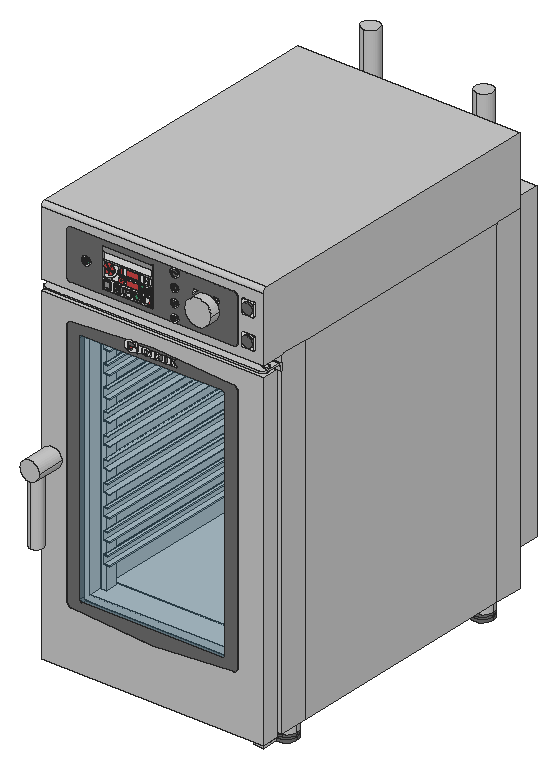
Revit family "QF_GIORIK_KHG101_KTG101_KHG101W_KTG101W", category Specialty Equipment, Revit 2014 (continued)
Automatic sketch dimensions
  Extrusion 17 sketch curve to Extrusion 17 sketch curve = 30 mm
  Extrusion 17 sketch curve to Extrusion 17 sketch curve = 5.542 mm
  Extrusion 17 sketch curve to plane 6 "Top" = 92.86 mm
  Extrusion 17 sketch curve to Extrusion 17 sketch curve = 0.789 mm  (x2)
  Extrusion 17 sketch curve to Extrusion 17 sketch curve = 2.211 mm
  Extrusion 17 sketch curve to plane 6 "Top" = 98.402 mm
  Extrusion 17 sketch curve to Extrusion 17 sketch curve = 0.686 mm
  Extrusion 17 sketch curve to Extrusion 17 sketch curve = 1.143 mm
  Extrusion 17 sketch curve to Extrusion 17 sketch curve = 9.164 mm
  Extrusion 17 sketch curve to plane 6 "Top" = 97.435 mm
  Extrusion 17 sketch curve to Extrusion 17 sketch curve = 0.978 mm
  Extrusion 17 sketch curve to plane 6 "Top" = 95.9 mm
  Extrusion 17 sketch curve to Extrusion 17 sketch curve = 1.058 mm
  Extrusion 17 sketch curve to Extrusion 17 sketch curve = 0.007 mm
  Extrusion 17 sketch curve to Extrusion 17 sketch curve = 0.727 mm
  Extrusion 17 sketch curve to plane 6 "Top" = 97.992 mm
  Extrusion 17 sketch curve to Extrusion 17 sketch curve = 4.43 mm
  Extrusion 17 sketch curve to plane 6 "Top" = 93.265 mm
  Extrusion 17 sketch curve to Extrusion 17 sketch curve = 12.64 mm
  Extrusion 17 sketch curve to plane 6 "Top" = 77.074 mm
  Extrusion 17 sketch curve to Extrusion 17 sketch curve = 0.034 mm
  Extrusion 17 sketch curve to plane 6 "Top" = 83.449 mm
  Extrusion 17 sketch curve to Extrusion 17 sketch curve = 1.389 mm
  Extrusion 17 sketch curve to Extrusion 17 sketch curve = 2.313 mm
  Extrusion 17 sketch curve to Extrusion 17 sketch curve = 2.53 mm
  Extrusion 17 sketch curve to Extrusion 17 sketch curve = 2.705 mm
  Extrusion 17 sketch curve to plane 6 "Top" = 76.294 mm
  Extrusion 17 sketch curve to Extrusion 17 sketch curve = 1.138 mm
  Extrusion 17 sketch curve to plane 6 "Top" = 73.82 mm
  Extrusion 17 sketch curve to Extrusion 17 sketch curve = 3.357 mm
  Extrusion 17 sketch curve to Extrusion 17 sketch curve = 6.172 mm
  Extrusion 17 sketch curve to Extrusion 17 sketch curve = 0.566 mm
  Extrusion 17 sketch curve to plane 6 "Top" = 80.522 mm
  Extrusion 17 sketch curve to Extrusion 17 sketch curve = 0.676 mm
  Extrusion 17 sketch curve to Extrusion 17 sketch curve = 6.481 mm
  Extrusion 17 sketch curve to Extrusion 17 sketch curve = 1.773 mm
  Extrusion 17 sketch curve to Extrusion 17 sketch curve = 1.347 mm
  Extrusion 17 sketch curve to plane 6 "Top" = 85.747 mm
  Extrusion 17 sketch curve to Extrusion 17 sketch curve = 1.957 mm
  Extrusion 17 sketch curve to Extrusion 17 sketch curve = 0.945 mm
  Extrusion 17 sketch curve to Extrusion 17 sketch curve = 1.151 mm
  Extrusion 17 sketch curve to Extrusion 17 sketch curve = 0.366 mm
  Extrusion 17 sketch curve to Extrusion 17 sketch curve = 1.697 mm
  Extrusion 17 sketch curve to plane 6 "Top" = 79.428 mm
  Extrusion 17 sketch curve to Extrusion 17 sketch curve = 1.474 mm
  Extrusion 17 sketch curve to Extrusion 17 sketch curve = 1.163 mm
  Extrusion 17 sketch curve to Extrusion 17 sketch curve = 1.291 mm
  Extrusion 17 sketch curve to plane 6 "Top" = 94.459 mm
  Extrusion 17 sketch curve to Extrusion 17 sketch curve = 3.636 mm
  Extrusion 17 sketch curve to plane 6 "Top" = 70.562 mm
  Extrusion 17 sketch curve to Extrusion 17 sketch curve = 5.644 mm
  Extrusion 17 sketch curve to Extrusion 17 sketch curve = 0.534 mm
  Extrusion 17 sketch curve to Extrusion 17 sketch curve = 1.399 mm
  Extrusion 17 sketch curve to Extrusion 17 sketch curve = 1.653 mm
  Extrusion 17 sketch curve to plane 6 "Top" = 82.63 mm
  Extrusion 17 sketch curve to Extrusion 17 sketch curve = 0.483 mm
  Extrusion 17 sketch curve to plane 6 "Top" = 73.81 mm
  Extrusion 17 sketch curve to Extrusion 17 sketch curve = 1.875 mm
  Extrusion 17 sketch curve to plane 6 "Top" = 93.314 mm
  Extrusion 17 sketch curve to Extrusion 17 sketch curve = 3.426 mm
  Extrusion 17 sketch curve to plane 6 "Top" = 71.963 mm
  Extrusion 17 sketch curve to Extrusion 17 sketch curve = 2.001 mm
  Extrusion 17 sketch curve to plane 6 "Top" = 76.238 mm
  Extrusion 17 sketch curve to Extrusion 17 sketch curve = 3.39 mm
  Extrusion 17 sketch curve to Extrusion 17 sketch curve = 5.374 mm
  Extrusion 17 sketch curve to Extrusion 17 sketch curve = 1.262 mm
  Extrusion 17 sketch curve to plane 6 "Top" = 84.718 mm
  Extrusion 17 sketch curve to Extrusion 17 sketch curve = 2.375 mm
  Extrusion 17 sketch curve to plane 6 "Top" = 80.599 mm
  Extrusion 17 sketch curve to Extrusion 17 sketch curve = 2.509 mm
  Extrusion 17 sketch curve to Extrusion 17 sketch curve = 2.12 mm  (x2)
  Extrusion 17 sketch curve to Extrusion 17 sketch curve = 7.859 mm  (x2)
  Extrusion 17 sketch curve to Extrusion 17 sketch curve = 5.742 mm
  Extrusion 17 sketch curve to Extrusion 17 sketch curve = 0.426 mm
  Extrusion 17 sketch curve to Extrusion 17 sketch curve = 2.642 mm  (x2)
  Extrusion 17 sketch curve to Extrusion 17 sketch curve = 2.67 mm
  Extrusion 17 sketch curve to Extrusion 17 sketch curve = 0.681 mm
  Extrusion 17 sketch curve to Extrusion 17 sketch curve = 12.559 mm  (x2)
  Extrusion 17 sketch curve to Extrusion 17 sketch curve = 3.412 mm
  Extrusion 17 sketch curve to Extrusion 17 sketch curve = 0.317 mm
  Extrusion 17 sketch curve to Extrusion 17 sketch curve = 0.044 mm
  Extrusion 17 sketch curve to Extrusion 17 sketch curve = 0.455 mm
  Extrusion 17 sketch curve to Extrusion 17 sketch curve = 1.333 mm
  Extrusion 17 sketch curve to Extrusion 17 sketch curve = 7.441 mm
  Extrusion 17 sketch curve to Extrusion 17 sketch curve = 2.137 mm
  plane 4 "Right" to Extrusion 18 sketch curve = 1 mm
  plane 5 "Front" to Extrusion 18 sketch curve = 3.5 mm
  Extrusion 18 sketch curve to plane 8 "Front oven" = 16.5 mm
  Extrusion 18 sketch curve to plane 8 "Front oven" = 4 mm
  plane 8 "Front oven" to Extrusion 18 sketch curve = 1.5 mm
  plane 8 "Front oven" to Extrusion 18 sketch curve = 56 mm
  Extrusion 18 sketch curve to Extrusion 18 sketch curve = 0 mm
  Extrusion 18 sketch curve to Extrusion 18 sketch curve = 16.248 mm
  plane 4 "Right" to Extrusion 18 sketch curve = 19 mm
  Extrusion 18 sketch curve to Extrusion 18 sketch curve = 25 mm
  Extrusion 18 sketch curve to Extrusion 18 sketch curve = 12 mm
  Extrusion 18 sketch curve to Extrusion 18 sketch curve = 19 mm
  Extrusion 18 sketch curve to Extrusion 18 sketch curve = 10 mm
  plane 4 "Right" to Revolve 19 sketch curve = 11.5 mm
  Revolve 19 sketch curve to Revolve 19 sketch curve = 3.5 mm  (x3)
  Revolve 19 sketch curve to Revolve 19 sketch curve = 6 mm
  Revolve 19 sketch curve to plane 6 "Top" = 185 mm
  Revolve 19 sketch curve to Revolve 19 sketch curve = 4.5 mm  (x2)
  Revolve 19 sketch curve to Revolve 19 sketch curve = 2.5 mm
  Revolve 19 sketch curve to Revolve 19 sketch curve = 3.901 mm
  Revolve 19 sketch curve to Revolve 19 sketch curve = 0 mm  (x3)
  Revolve 20 sketch curve to plane 7 "Legs height" = 0 mm  (x2)
  plane 4 "Right" to Revolve 20 sketch curve = 11.5 mm
  Revolve 20 sketch curve to Revolve 20 sketch curve = 3.5 mm  (x3)
  Revolve 20 sketch curve to Revolve 20 sketch curve = 2.5 mm
  Revolve 20 sketch curve to Revolve 20 sketch curve = 7 mm
  Revolve 20 sketch curve to Revolve 20 sketch curve = 3.901 mm
  Revolve 20 sketch curve to Revolve 20 sketch curve = 0 mm  (x2)
  Extrusion 21 sketch curve to plane 4 "Right" = 25 mm
  Extrusion 21 sketch curve to plane 7 "Legs height" = 430 mm
  plane 5 "Front" to Extrusion 23 sketch curve = 46 mm
  Extrusion 23 sketch curve to plane 4 "Right" = 25 mm
  Extrusion 25 sketch curve to Extrusion 25 sketch curve = 0 mm  (x12)
  plane 4 "Right" to Extrusion 25 sketch curve = 103.895 mm
  Extrusion 25 sketch curve to plane 6 "Top" = 55.514 mm  (x2)
  Extrusion 25 sketch curve to Extrusion 25 sketch curve = 1.599 mm  (x2)
  Extrusion 25 sketch curve to Extrusion 25 sketch curve = 9.467 mm  (x2)
  Extrusion 25 sketch curve to Extrusion 25 sketch curve = 26.569 mm
  Extrusion 25 sketch curve to Extrusion 25 sketch curve = 7.071 mm
  Extrusion 25 sketch curve to Extrusion 25 sketch curve = 15.503 mm
  Extrusion 25 sketch curve to plane 6 "Top" = 66.895 mm
  Extrusion 25 sketch curve to Extrusion 25 sketch curve = 37.995 mm
  Extrusion 25 sketch curve to Extrusion 25 sketch curve = 37.895 mm
  Extrusion 25 sketch curve to Extrusion 25 sketch curve = 1.233 mm
  Extrusion 25 sketch curve to Extrusion 25 sketch curve = 4 mm
  Extrusion 25 sketch curve to plane 6 "Top" = 65.195 mm
  Extrusion 25 sketch curve to Extrusion 25 sketch curve = 3.251 mm
  Extrusion 25 sketch curve to Extrusion 25 sketch curve = 6.5 mm  (x2)
  Extrusion 25 sketch curve to Extrusion 25 sketch curve = 1 mm  (x7)
  Extrusion 25 sketch curve to Extrusion 25 sketch curve = 0.516 mm
  Extrusion 25 sketch curve to Extrusion 25 sketch curve = 5 mm  (x2)
  Extrusion 25 sketch curve to Extrusion 25 sketch curve = 2.807 mm
  Extrusion 25 sketch curve to plane 6 "Top" = 63.441 mm
  Extrusion 25 sketch curve to Extrusion 25 sketch curve = 0.953 mm
  Extrusion 25 sketch curve to Extrusion 25 sketch curve = 44.5 mm
  Extrusion 25 sketch curve to plane 6 "Top" = 40 mm
  Extrusion 25 sketch curve to Extrusion 25 sketch curve = 116 mm
  Extrusion 25 sketch curve to Extrusion 25 sketch curve = 40 mm
  Extrusion 25 sketch curve to Extrusion 25 sketch curve = 34.378 mm
  Extrusion 25 sketch curve to Extrusion 25 sketch curve = 1.427 mm
  Extrusion 25 sketch curve to Extrusion 25 sketch curve = 2.881 mm
  Extrusion 25 sketch curve to Extrusion 25 sketch curve = 27.547 mm
  Extrusion 25 sketch curve to Extrusion 25 sketch curve = 28.047 mm
  Extrusion 25 sketch curve to Extrusion 25 sketch curve = 2.291 mm
  Extrusion 25 sketch curve to Extrusion 25 sketch curve = 0.209 mm
  Extrusion 25 sketch curve to Extrusion 25 sketch curve = 3 mm
  Extrusion 25 sketch curve to Extrusion 25 sketch curve = 45 mm
  Extrusion 25 sketch curve to Extrusion 25 sketch curve = 8.188 mm
  Extrusion 25 sketch curve to Extrusion 25 sketch curve = 3.805 mm
  Extrusion 25 sketch curve to Extrusion 25 sketch curve = 2.051 mm
  Extrusion 25 sketch curve to Extrusion 25 sketch curve = 1.254 mm
  Extrusion 25 sketch curve to Extrusion 25 sketch curve = 25.941 mm
  Extrusion 25 sketch curve to Extrusion 25 sketch curve = 0.5 mm
  Extrusion 26 sketch curve to Extrusion 26 sketch curve = 0 mm  (x63)
  Extrusion 26 sketch curve to plane 6 "Top" = 105 mm
  plane 4 "Right" to Extrusion 26 sketch curve = 258 mm
  Extrusion 26 sketch curve to Extrusion 26 sketch curve = 1 mm  (x18)
  Extrusion 26 sketch curve to Extrusion 26 sketch curve = 1.5 mm
  Extrusion 26 sketch curve to Extrusion 26 sketch curve = 0.5 mm
  Extrusion 26 sketch curve to Extrusion 26 sketch curve = 2 mm  (x13)
  Extrusion 26 sketch curve to Extrusion 26 sketch curve = 8.26 mm  (x2)
  Extrusion 26 sketch curve to Extrusion 26 sketch curve = 1.62 mm  (x3)
  Extrusion 26 sketch curve to Extrusion 26 sketch curve = 9.5 mm  (x2)
  Extrusion 26 sketch curve to Extrusion 26 sketch curve = 7.957 mm
  Extrusion 26 sketch curve to Extrusion 26 sketch curve = 6 mm  (x4)
  Extrusion 26 sketch curve to Extrusion 26 sketch curve = 1.514 mm
  Extrusion 26 sketch curve to Extrusion 26 sketch curve = 0.717 mm  (x2)
  Extrusion 26 sketch curve to Extrusion 26 sketch curve = 1.202 mm
  Extrusion 26 sketch curve to Extrusion 26 sketch curve = 10.283 mm
  Extrusion 26 sketch curve to Extrusion 26 sketch curve = 10.081 mm
  Extrusion 26 sketch curve to Extrusion 26 sketch curve = 0.961 mm
  Extrusion 26 sketch curve to Extrusion 26 sketch curve = 1.658 mm
  Extrusion 26 sketch curve to Extrusion 26 sketch curve = 2.455 mm
  Extrusion 26 sketch curve to Extrusion 26 sketch curve = 1.267 mm
  Extrusion 26 sketch curve to Extrusion 26 sketch curve = 2.654 mm
  Extrusion 26 sketch curve to plane 6 "Top" = 117.623 mm
  Extrusion 26 sketch curve to Extrusion 26 sketch curve = 2.67 mm
  Extrusion 26 sketch curve to plane 6 "Top" = 116.404 mm
  Extrusion 26 sketch curve to Extrusion 26 sketch curve = 1.218 mm
  Extrusion 26 sketch curve to Extrusion 26 sketch curve = 4.131 mm
  Extrusion 26 sketch curve to Extrusion 26 sketch curve = 0.609 mm  (x3)
  Extrusion 26 sketch curve to plane 6 "Top" = 120.535 mm
  Extrusion 26 sketch curve to Extrusion 26 sketch curve = 1.312 mm
  Extrusion 26 sketch curve to Extrusion 26 sketch curve = 4.225 mm
  Extrusion 26 sketch curve to Extrusion 26 sketch curve = 0.767 mm
  Extrusion 26 sketch curve to Extrusion 26 sketch curve = 1.946 mm  (x2)
  Extrusion 26 sketch curve to Extrusion 26 sketch curve = 3.893 mm
  Extrusion 26 sketch curve to Extrusion 26 sketch curve = 0.573 mm
  Extrusion 26 sketch curve to Extrusion 26 sketch curve = 10.054 mm  (x2)
  Extrusion 26 sketch curve to Extrusion 26 sketch curve = 1.19 mm  (x2)
  Extrusion 26 sketch curve to Extrusion 26 sketch curve = 0.81 mm
  Extrusion 26 sketch curve to Extrusion 26 sketch curve = 3.631 mm
  Extrusion 26 sketch curve to Extrusion 26 sketch curve = 3.68 mm
  Extrusion 26 sketch curve to Extrusion 26 sketch curve = 4.689 mm
  Extrusion 26 sketch curve to Extrusion 26 sketch curve = 7.689 mm
  Extrusion 26 sketch curve to Extrusion 26 sketch curve = 3.081 mm
  Extrusion 26 sketch curve to Extrusion 26 sketch curve = 0.653 mm
  Extrusion 26 sketch curve to Extrusion 26 sketch curve = 17.403 mm
  Extrusion 26 sketch curve to Extrusion 26 sketch curve = 1.7 mm
  Extrusion 26 sketch curve to Extrusion 26 sketch curve = 2.769 mm  (x2)
  Extrusion 26 sketch curve to Extrusion 26 sketch curve = 2.246 mm
  Extrusion 26 sketch curve to Extrusion 26 sketch curve = 1.597 mm
  Extrusion 26 sketch curve to Extrusion 26 sketch curve = 0.042 mm
  Extrusion 26 sketch curve to Extrusion 26 sketch curve = 2.12 mm
  Extrusion 26 sketch curve to Extrusion 26 sketch curve = 2.231 mm
  Extrusion 26 sketch curve to Extrusion 26 sketch curve = 1.147 mm
  Extrusion 26 sketch curve to Extrusion 26 sketch curve = 3.002 mm
  Extrusion 26 sketch curve to Extrusion 26 sketch curve = 6.3 mm
  Extrusion 26 sketch curve to Extrusion 26 sketch curve = 1.883 mm
  Extrusion 26 sketch curve to Extrusion 26 sketch curve = 7.859 mm
  Extrusion 26 sketch curve to Extrusion 26 sketch curve = 0.615 mm
  Extrusion 26 sketch curve to Extrusion 26 sketch curve = 4.404 mm
  Extrusion 26 sketch curve to Extrusion 26 sketch curve = 0.424 mm
  Extrusion 26 sketch curve to Extrusion 26 sketch curve = 2.306 mm
  Extrusion 26 sketch curve to Extrusion 26 sketch curve = 7 mm
  Extrusion 26 sketch curve to Extrusion 26 sketch curve = 0.463 mm
  Extrusion 26 sketch curve to Extrusion 26 sketch curve = 5 mm  (x2)
  Extrusion 26 sketch curve to Extrusion 26 sketch curve = 17.245 mm
  Extrusion 26 sketch curve to Extrusion 26 sketch curve = 2.495 mm
  Extrusion 26 sketch curve to Extrusion 26 sketch curve = 5.681 mm  (x3)
  Extrusion 26 sketch curve to Extrusion 26 sketch curve = 1.6 mm
  Extrusion 26 sketch curve to Extrusion 26 sketch curve = 2.544 mm
  Extrusion 26 sketch curve to Extrusion 26 sketch curve = 16.755 mm
  Extrusion 26 sketch curve to Extrusion 26 sketch curve = 10 mm
  plane 4 "Right" to Extrusion 27 sketch curve = 201.553 mm
  Extrusion 27 sketch curve to Extrusion 27 sketch curve = 2.606 mm
  Extrusion 27 sketch curve to Extrusion 27 sketch curve = 3.123 mm
  Extrusion 27 sketch curve to Extrusion 27 sketch curve = 3.991 mm
  Extrusion 27 sketch curve to Extrusion 27 sketch curve = 1.949 mm
  Extrusion 27 sketch curve to Extrusion 27 sketch curve = 1.182 mm
  Extrusion 27 sketch curve to Extrusion 27 sketch curve = 6.627 mm
  Extrusion 27 sketch curve to Extrusion 27 sketch curve = 1.25 mm
  Extrusion 27 sketch curve to Extrusion 27 sketch curve = 2.454 mm
  Extrusion 27 sketch curve to Extrusion 27 sketch curve = 1.353 mm  (x2)
  Extrusion 27 sketch curve to Extrusion 27 sketch curve = 3.69 mm
  Extrusion 27 sketch curve to Extrusion 27 sketch curve = 2.793 mm  (x10)
  Extrusion 27 sketch curve to Extrusion 27 sketch curve = 5.413 mm  (x3)
  Extrusion 27 sketch curve to Extrusion 27 sketch curve = 2 mm  (x2)
  Extrusion 27 sketch curve to Extrusion 27 sketch curve = 2.002 mm
  Extrusion 27 sketch curve to Extrusion 27 sketch curve = 3.133 mm
  Extrusion 27 sketch curve to Extrusion 27 sketch curve = 9.013 mm
  Extrusion 27 sketch curve to Extrusion 27 sketch curve = 4.511 mm
  Extrusion 27 sketch curve to Extrusion 27 sketch curve = 3.34 mm
  Extrusion 27 sketch curve to Extrusion 27 sketch curve = 0.132 mm
  Extrusion 27 sketch curve to Extrusion 27 sketch curve = 3.46 mm
  Extrusion 27 sketch curve to Extrusion 27 sketch curve = 3.675 mm
  Extrusion 27 sketch curve to Extrusion 27 sketch curve = 0 mm  (x18)
  Extrusion 27 sketch curve to Extrusion 27 sketch curve = 5.566 mm
  Extrusion 27 sketch curve to Extrusion 27 sketch curve = 2.285 mm
  Extrusion 27 sketch curve to Extrusion 27 sketch curve = 2.551 mm
  Extrusion 27 sketch curve to Extrusion 27 sketch curve = 5.945 mm
  Extrusion 27 sketch curve to Extrusion 27 sketch curve = 0.022 mm  (x2)
  Extrusion 27 sketch curve to Extrusion 27 sketch curve = 4 mm
  Extrusion 27 sketch curve to Extrusion 27 sketch curve = 5.91 mm  (x2)
  Extrusion 27 sketch curve to Extrusion 27 sketch curve = 1.141 mm
  Extrusion 27 sketch curve to Extrusion 27 sketch curve = 6.081 mm
  Extrusion 27 sketch curve to Extrusion 27 sketch curve = 4.16 mm
  Extrusion 27 sketch curve to Extrusion 27 sketch curve = 2.507 mm
  Extrusion 27 sketch curve to Extrusion 27 sketch curve = 1.366 mm
  Extrusion 27 sketch curve to Extrusion 27 sketch curve = 4.893 mm
  Extrusion 27 sketch curve to Extrusion 27 sketch curve = 6.586 mm
  Extrusion 27 sketch curve to Extrusion 27 sketch curve = 2.154 mm
  Extrusion 27 sketch curve to Extrusion 27 sketch curve = 2.256 mm
  Extrusion 27 sketch curve to Extrusion 27 sketch curve = 0.578 mm
  Extrusion 27 sketch curve to Extrusion 27 sketch curve = 1.392 mm
  Extrusion 27 sketch curve to Extrusion 27 sketch curve = 1.974 mm
  Extrusion 27 sketch curve to Extrusion 27 sketch curve = 1.347 mm
  Extrusion 27 sketch curve to Extrusion 27 sketch curve = 1.469 mm
  Extrusion 27 sketch curve to Extrusion 27 sketch curve = 4.081 mm
  Extrusion 27 sketch curve to plane 6 "Top" = 239.528 mm
  Extrusion 27 sketch curve to Extrusion 27 sketch curve = 2.317 mm
  Extrusion 27 sketch curve to Extrusion 27 sketch curve = 3.242 mm
  Extrusion 27 sketch curve to Extrusion 27 sketch curve = 3.564 mm
  Extrusion 27 sketch curve to Extrusion 27 sketch curve = 0.899 mm
  Extrusion 27 sketch curve to Extrusion 27 sketch curve = 1.294 mm
  Extrusion 27 sketch curve to Extrusion 27 sketch curve = 2.894 mm  (x2)
  Extrusion 27 sketch curve to Extrusion 27 sketch curve = 1 mm
  Extrusion 27 sketch curve to Extrusion 27 sketch curve = 1.461 mm
  Extrusion 27 sketch curve to Extrusion 27 sketch curve = 1.786 mm
  Extrusion 27 sketch curve to Extrusion 27 sketch curve = 1.919 mm
  Extrusion 27 sketch curve to Extrusion 27 sketch curve = 2.046 mm
  Extrusion 27 sketch curve to Extrusion 27 sketch curve = 1.137 mm
  Extrusion 27 sketch curve to Extrusion 27 sketch curve = 2.344 mm  (x8)
  Extrusion 27 sketch curve to Extrusion 27 sketch curve = 3.153 mm
  Extrusion 27 sketch curve to Extrusion 27 sketch curve = 3.783 mm
  Extrusion 27 sketch curve to Extrusion 27 sketch curve = 1.816 mm  (x2)
  Extrusion 27 sketch curve to Extrusion 27 sketch curve = 1.67 mm
  Extrusion 27 sketch curve to Extrusion 27 sketch curve = 3.513 mm
  Extrusion 27 sketch curve to Extrusion 27 sketch curve = 2.539 mm
  Extrusion 27 sketch curve to Extrusion 27 sketch curve = 4.042 mm
  Extrusion 27 sketch curve to Extrusion 27 sketch curve = 0.806 mm
  Extrusion 27 sketch curve to Extrusion 27 sketch curve = 0.873 mm
  Extrusion 27 sketch curve to Extrusion 27 sketch curve = 4.868 mm
  Extrusion 27 sketch curve to Extrusion 27 sketch curve = 2.243 mm
  Extrusion 27 sketch curve to Extrusion 27 sketch curve = 0.326 mm
  Extrusion 27 sketch curve to Extrusion 27 sketch curve = 2.593 mm  (x3)
  Extrusion 27 sketch curve to Extrusion 27 sketch curve = 1.506 mm
  Extrusion 27 sketch curve to Extrusion 27 sketch curve = 1.887 mm
  Extrusion 27 sketch curve to Extrusion 27 sketch curve = 1.99 mm
  Extrusion 27 sketch curve to Extrusion 27 sketch curve = 2.691 mm
  Extrusion 27 sketch curve to Extrusion 27 sketch curve = 3.345 mm
  Extrusion 27 sketch curve to Extrusion 27 sketch curve = 0.743 mm
  Extrusion 27 sketch curve to Extrusion 27 sketch curve = 3.185 mm
  Extrusion 27 sketch curve to Extrusion 27 sketch curve = 0.206 mm
  Extrusion 27 sketch curve to Extrusion 27 sketch curve = 2.753 mm
  Extrusion 27 sketch curve to Extrusion 27 sketch curve = 4.912 mm  (x2)
  Extrusion 27 sketch curve to Extrusion 27 sketch curve = 2.294 mm
  Extrusion 27 sketch curve to Extrusion 27 sketch curve = 3.131 mm
  Extrusion 27 sketch curve to Extrusion 27 sketch curve = 0.143 mm
  Extrusion 27 sketch curve to Extrusion 27 sketch curve = 1.861 mm
  Extrusion 27 sketch curve to Extrusion 27 sketch curve = 0.168 mm
  Extrusion 27 sketch curve to Extrusion 27 sketch curve = 2.712 mm
  Extrusion 27 sketch curve to Extrusion 27 sketch curve = 2.054 mm
  Extrusion 27 sketch curve to Extrusion 27 sketch curve = 1.787 mm
  plane 3 "Left" to Extrusion 28 sketch curve = 214.848 mm
  Extrusion 28 sketch curve to Extrusion 28 sketch curve = 6 mm  (x2)
  Extrusion 28 sketch curve to plane 6 "Top" = 232.105 mm
  Extrusion 28 sketch curve to Extrusion 28 sketch curve = 5 mm
  plane 4 "Right" to Extrusion 31 sketch curve = 50 mm
  plane 1 "Back" to Extrusion 31 sketch curve = 132 mm
  plane 4 "Right" to Extrusion 32 sketch curve = 50 mm
  plane 1 "Back" to Extrusion 32 sketch curve = 132 mm
  plane 4 "Right" to Extrusion 35 sketch curve = 50 mm
  plane 8 "Front oven" to Extrusion 35 sketch curve = 75 mm
  plane 4 "Right" to Extrusion 36 sketch curve = 50 mm
  plane 8 "Front oven" to Extrusion 36 sketch curve = 75 mm
  plane 4 "Right" to Extrusion 38 sketch curve = 50 mm
  plane 1 "Back" to Extrusion 38 sketch curve = 132 mm
  plane 4 "Right" to Extrusion 40 sketch curve = 50 mm
  plane 8 "Front oven" to Extrusion 40 sketch curve = 75 mm
  plane 4 "Right" to Extrusion 42 sketch curve = 50 mm
  plane 1 "Back" to Extrusion 42 sketch curve = 132 mm
  plane 4 "Right" to Extrusion 44 sketch curve = 50 mm
  plane 8 "Front oven" to Extrusion 44 sketch curve = 75 mm
  Extrusion 45 sketch curve to plane 3 "Left" = 0 mm
  plane 4 "Right" to Extrusion 45 sketch curve = 0 mm
  Extrusion 45 sketch curve to plane 7 "Legs height" = 0 mm
  Extrusion 45 sketch curve to plane 6 "Top" = 160 mm
  plane 4 "Right" to Extrusion 46 sketch curve = 60 mm
  Extrusion 46 sketch curve to Extrusion 46 sketch curve = 10 mm  (x3)
  plane 3 "Left" to Extrusion 46 sketch curve = 259.5 mm  (x2)
  plane 3 "Left" to Extrusion 46 sketch curve = 70 mm  (x2)
  Extrusion 46 sketch curve to level = 1741.516 mm
  Extrusion 46 sketch curve to plane 6 "Top" = 132.754 mm  (x2)
  Extrusion 46 sketch curve to plane 6 "Top" = 37.246 mm  (x2)
  plane 6 "Top" to Extrusion 46 sketch curve = 2341.516 mm
  Extrusion 46 sketch curve to Extrusion 46 sketch curve = 0 mm  (x2)
  plane 3 "Left" to Extrusion 47 sketch curve = 30 mm
  plane 4 "Right" to Extrusion 47 sketch curve = 30 mm
  plane 7 "Legs height" to Extrusion 47 sketch curve = 60 mm
  Extrusion 47 sketch curve to plane 6 "Top" = 160 mm
  Extrusion 48 sketch curve to plane 5 "Front" = 0 mm
  Extrusion 48 sketch curve to plane 6 "Top" = 0 mm
  plane 5 "Front" to Extrusion 48 sketch curve = 10 mm
  plane 5 "Front" to Extrusion 48 sketch curve = 10.1 mm
  plane 1 "Back" to Extrusion 48 sketch curve = 87 mm
  Extrusion 48 sketch curve to plane 6 "Top" = 10 mm
  Extrusion 48 sketch curve to plane 6 "Top" = 160 mm
  plane 3 "Left" to Revolve 49 sketch curve = 11.5 mm
  Revolve 49 sketch curve to Revolve 49 sketch curve = 3.5 mm  (x3)
  Revolve 49 sketch curve to Revolve 49 sketch curve = 6 mm
  Revolve 49 sketch curve to plane 6 "Top" = 169.599 mm
  Revolve 49 sketch curve to Revolve 49 sketch curve = 3.901 mm
  Revolve 49 sketch curve to Revolve 49 sketch curve = 4.5 mm  (x2)
  Revolve 49 sketch curve to Revolve 49 sketch curve = 2.5 mm
  Revolve 49 sketch curve to Revolve 49 sketch curve = 0 mm  (x3)
  plane 8 "Front oven" to Extrusion 50 sketch curve = 23 mm
  plane 8 "Front oven" to Extrusion 50 sketch curve = 36 mm
  Extrusion 50 sketch curve to Extrusion 50 sketch curve = 25 mm
  plane 4 "Right" to Extrusion 50 sketch curve = 27 mm
  Extrusion 50 sketch curve to Extrusion 50 sketch curve = 44 mm
  Extrusion 50 sketch curve to Extrusion 50 sketch curve = 0 mm
  plane 4 "Right" to Extrusion 53 sketch curve = 134 mm
  Extrusion 53 sketch curve to plane 6 "Top" = 85 mm
  Revolve 54 sketch curve to plane 6 "Top" = 56 mm
  Revolve 54 sketch curve to Revolve 54 sketch curve = 7 mm
  Revolve 54 sketch curve to Revolve 54 sketch curve = 4 mm
  Revolve 54 sketch curve to Revolve 54 sketch curve = 9 mm
  plane 1 "Back" to Revolve 54 sketch curve = 79 mm
  Revolve 54 sketch curve to Revolve 54 sketch curve = 8 mm
  Revolve 54 sketch curve to Revolve 54 sketch curve = 0 mm  (x3)
  Extrusion 55 sketch curve to Extrusion 55 sketch curve = 0 mm  (x2)
  plane 1 "Back" to Extrusion 55 sketch curve = 75 mm
  Extrusion 55 sketch curve to Extrusion 55 sketch curve = 2 mm
  Extrusion 55 sketch curve to Extrusion 55 sketch curve = 5 mm
  Extrusion 55 sketch curve to Extrusion 55 sketch curve = 3 mm
  Extrusion 55 sketch curve to Extrusion 55 sketch curve = 12 mm
  Extrusion 55 sketch curve to plane 6 "Top" = 150 mm
  Extrusion 55 sketch curve to plane 6 "Top" = 70 mm
  Extrusion 55 sketch curve to Extrusion 55 sketch curve = 7 mm
  plane 1 "Back" to Blend 56 sketch curve = 32 mm  (x2)
  plane 4 "Right" to Blend 56 sketch curve = 127 mm  (x2)
  plane 1 "Back" to Extrusion 57 sketch curve = 32 mm
  plane 4 "Right" to Extrusion 57 sketch curve = 127 mm
  plane 4 "Right" to Extrusion 58 sketch curve = 0 mm
  Extrusion 58 sketch curve to plane 3 "Left" = 0 mm
  Extrusion 58 sketch curve to plane 7 "Legs height" = 0 mm
  plane 4 "Right" to Extrusion 58 sketch curve = 84 mm
  plane 3 "Left" to Extrusion 58 sketch curve = 69.5 mm
  plane 7 "Legs height" to Extrusion 58 sketch curve = 134 mm
  Extrusion 58 sketch curve to plane 6 "Top" = 211 mm
  Extrusion 58 sketch curve to Extrusion 58 sketch curve = 51 mm
  plane 4 "Right" to Extrusion 59 sketch curve = 14.937 mm
  Extrusion 59 sketch curve to Extrusion 59 sketch curve = 15 mm  (x3)
  plane 3 "Left" to Extrusion 59 sketch curve = 29.937 mm
  plane 3 "Left" to Extrusion 59 sketch curve = 14.937 mm
  plane 7 "Legs height" to Extrusion 59 sketch curve = 15 mm
  Extrusion 59 sketch curve to plane 6 "Top" = 215 mm
  plane 4 "Right" to Extrusion 60 sketch curve = 20 mm
  Extrusion 60 sketch curve to Extrusion 60 sketch curve = 3 mm  (x3)
  Extrusion 60 sketch curve to Extrusion 60 sketch curve = 22 mm  (x2)
  Extrusion 60 sketch curve to plane 6 "Top" = 66 mm
  Extrusion 60 sketch curve to Extrusion 60 sketch curve = 26 mm
  plane 4 "Right" to Extrusion 61 sketch curve = 34 mm
  Extrusion 61 sketch curve to plane 6 "Top" = 50 mm
  plane 4 "Right" to Extrusion 62 sketch curve = 20 mm
  Extrusion 62 sketch curve to Extrusion 62 sketch curve = 3 mm  (x3)
  Extrusion 62 sketch curve to Extrusion 62 sketch curve = 22 mm  (x2)
  Extrusion 62 sketch curve to plane 6 "Top" = 136 mm
  Extrusion 62 sketch curve to Extrusion 62 sketch curve = 26 mm
  plane 4 "Right" to Extrusion 63 sketch curve = 34 mm
  Extrusion 63 sketch curve to plane 6 "Top" = 120 mm
  plane 3 "Left" to Extrusion 64 sketch curve = 41 mm
  Extrusion 64 sketch curve to plane 6 "Top" = 56 mm
  plane 4 "Right" to Extrusion 6 sketch curve = 85 mm  (x3)
  Extrusion 6 sketch curve to Extrusion 6 sketch curve = 0 mm  (x16)
  Extrusion 6 sketch curve to Extrusion 6 sketch curve = 1 mm  (x60)
  Extrusion 6 sketch curve to Extrusion 6 sketch curve = 9 mm  (x17)
  Extrusion 6 sketch curve to Extrusion 6 sketch curve = 15 mm  (x13)
  plane 3 "Left" to Extrusion 6 sketch curve = 101 mm
  Extrusion 6 sketch curve to Extrusion 6 sketch curve = 6 mm  (x10)
  plane 7 "Legs height" to Extrusion 6 sketch curve = 195 mm  (x2)
  Extrusion 6 sketch curve to Extrusion 6 sketch curve = 18 mm  (x20)
  Extrusion 6 sketch curve to Extrusion 6 sketch curve = 30 mm  (x18)
  radius of Extrusion 3 sketch curve = 22.5 mm
  radius of Extrusion 10 sketch curve = 15 mm
  radius of Extrusion 29 sketch curve = 25 mm
  radius of Extrusion 30 sketch curve = 25 mm
  radius of Extrusion 33 sketch curve = 25 mm
  radius of Extrusion 34 sketch curve = 25 mm
  radius of Extrusion 37 sketch curve = 23 mm
  radius of Extrusion 39 sketch curve = 23 mm
  radius of Extrusion 41 sketch curve = 25 mm
  radius of Extrusion 43 sketch curve = 25 mm
  radius of Extrusion 52 sketch curve = 6 mm  (x3)
  radius of Blend 65 sketch curve = 25 mm
  radius of Blend 65 sketch curve = 20 mm
  radius of Extrusion 66 sketch curve = 20 mm
  radius of curve 32 = 25 mm
  radius of curve 33 = 20 mm
  radius of curve 34 = 25 mm
  radius of curve 35 = 20 mm
  radius of Extrusion 11 sketch curve = 9.55 mm
  radius of Extrusion 13 sketch curve = 19.05 mm
  radius of Extrusion 16 sketch curve = 4.5 mm
  radius of Extrusion 16 sketch curve = 4 mm
  radius of Extrusion 17 sketch curve = 7 mm
  radius of Extrusion 17 sketch curve = 2.5 mm
  radius of Extrusion 21 sketch curve = 22.5 mm
  radius of Extrusion 23 sketch curve = 15 mm
  radius of Extrusion 25 sketch curve = 10 mm  (x2)
  radius of Extrusion 25 sketch curve = 8.5 mm  (x5)
  radius of Extrusion 25 sketch curve = 7 mm  (x3)
  radius of Extrusion 31 sketch curve = 25 mm
  radius of Extrusion 32 sketch curve = 25 mm
  radius of Extrusion 35 sketch curve = 25 mm
  radius of Extrusion 36 sketch curve = 25 mm
  radius of Extrusion 38 sketch curve = 23 mm
  radius of Extrusion 40 sketch curve = 23 mm
  radius of Extrusion 42 sketch curve = 25 mm
  radius of Extrusion 44 sketch curve = 25 mm
  radius of Extrusion 50 sketch curve = 6 mm  (x3)
  radius of Extrusion 53 sketch curve = 30 mm
  radius of Blend 56 sketch curve = 25 mm
  radius of Blend 56 sketch curve = 20 mm
  radius of Extrusion 57 sketch curve = 20 mm
  radius of Extrusion 61 sketch curve = 12.5 mm
  radius of Extrusion 63 sketch curve = 12.5 mm
  radius of Extrusion 64 sketch curve = 12.7 mm
Connectors
  piping at (300, -51, 89), diameter 19.05, driven by "Cold Water Size"
    settings: on Extrusion 11, index 1, connector inside diameter 24", connector length 0 mm, flow factor 0, pipe flow 0.0 L/s, pressure drop 0.0 kPa, fitting loss kfactor 0, connector angle 0.00°, fixture units 0, engagement length 0 mm, angle of deflection 0.00°, flow configuration 1, flow direction 1, fitting loss method 0, system type 20, joint type 0, gender type 0, connector reference index -1, connector utility 0, adjustable connector no, is connector primary yes, connector description "Softened water inlet"
  piping at (437, -77, 89), diameter 38.1, driven by "Indirect Waste Size"
    settings: on Extrusion 13, index 2, connector inside diameter 24", connector length 0 mm, flow factor 0, pipe flow 0.0 L/s, pressure drop 0.0 kPa, fitting loss kfactor 0, connector angle 0.00°, fixture units 0, engagement length 0 mm, angle of deflection 0.00°, flow configuration 1, flow direction 2, fitting loss method 0, system type 16, joint type 0, gender type 0, connector reference index -1, connector utility 0, adjustable connector no, is connector primary no, connector description "Drain"
  electrical at (100, -79, 954), driven by "Number of Poles", driven by "Volts", driven by "Apparent Power"
    settings: on Revolve 54, index 5, voltage 230 V, apparent load 0 VA, apparent load phase1 1600 VA, apparent load phase2 0 VA, apparent load phase3 0 VA, power factor 1, load classification "Other", number of poles 1, system type 31, power factor state 1, is connector primary yes, connector utility no, sub classification motor no, connector description "Electrical connection"
  piping at (41, -42, 954), diameter 25.4, driven by "Gas Size"
    settings: on Extrusion 64, index 6, connector inside diameter 24", connector length 0 mm, flow factor 0, pipe flow 0.0 L/s, pressure drop 0.0 kPa, fitting loss kfactor 0, connector angle 0.00°, fixture units 0, engagement length 0 mm, angle of deflection 0.00°, flow configuration 1, flow direction 1, fitting loss method 0, system type 22, joint type 0, gender type 0, connector reference index -1, connector utility 0, adjustable connector no, is connector primary no, connector description "Gas inlet"
Types (5, lengths in mm): name | Watts | Model | Description | Apparent Power
  (no name) | 1600 W | "KHG101" | "GAS OVEN 10 GN 1/1 COMBINED CONVECTION/STEAM TOUCH SCREEN CONTROL - HIGH EFFICIENCY BOILER VERSION" | 1600 VA
  KHG101 | 1600 W | "KHG101" | "GAS OVEN 10 GN 1/1 COMBINED CONVECTION/STEAM TOUCH SCREEN CONTROL - HIGH EFFICIENCY BOILER VERSION" | 1600 VA
  KTG101 | 600 W | "KTG101" | "GAS OVEN 10 GN 1/1 COMBINED CONVECTION/STEAM TOUCH SCREEN CONTROL - DIRECT STEAM VERSION" | 600 VA
  KHG101W | 1600 W | "KHG101W" | "GAS OVEN 10 GN 1/1 COMBINED CONVECTION/STEAM TOUCH SCREEN CONTROL - HIGH EFFICIENCY BOILER VERSION" | 1600 VA
  KTG101W | 600 W | "KTG101W" | "GAS OVEN 10 GN 1/1 COMBINED CONVECTION/STEAM TOUCH SCREEN CONTROL - DIRECT STEAM VERSION" | 600 VA
